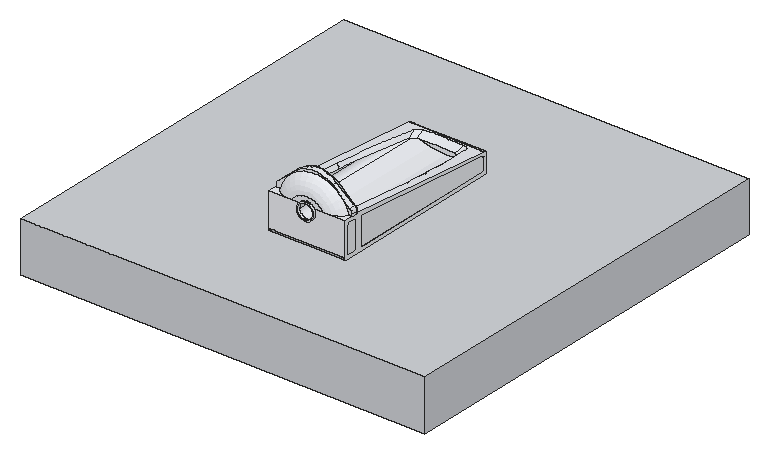
Revit family
Parameters (values of type "6400.014")
  Width = 18"
  Waste Connection Radius = 1 3/4"
  Waste Connection Height = 4"
  Waste Connection Diameter = Waste Connection Radius * 2  # 3 1/2"
  Waste Connection = yes
  Warranty Information = "1 Year Limited"
  WFU = 5
  Vent Connection = no
  URL = "http://www.americanstandard.ca"
  Type Comments = ""
  Revised Date = "06/19/2015"
  Product Page URL = "http://www.americanstandard.ca/urinals/stallbrook-0.7-1.0-urinal--washout/"
  Product Documentation Link = "http://www.americanstandard.ca/assets/documents/amstdca/spec/SpecSheet_188.pdf"
  Price = "Prices may vary. Please consult Manufacturer Representative for most up-to-date price list."  # constant formula
  Phone Number = "416-250-5656"  # constant formula
  Omniclass Table 23 Title = "Plumbing Fixtures-Sanitary Disposal Units"  # constant formula
  Omniclass Table 23 Code = "23.45.05.21.11"  # constant formula
  Model = "6400.014"
  Material = Vitreous China-American Standard-020
  Masterformat Title = "Commercial Water Closets, Urinals, and Bidets"  # constant formula
  Masterformat Number = "23.42.13"  # constant formula
  Manufacturer = "American Standard"
  Length = 15"
  Installation Type = "Wall Mounted"
  Height = 38"
  HWFU = 0
  HW Connection = no
  Flow Rate = "3.8Lpf/1.0gpf"
  Description = "6400.014-American Standard-Stallbrook 1.0 GPF Washout Urinal"
  Default Elevation = 0"
  Creation Date = ""
  Created By = "Allied Technical Services"  # constant formula
  Cold Water Connection Width = 4 3/4"
  Cold Water Connection Radius = 3/8"
  Cold Water Connection Height = 49 1/2"
  Cold Water Connection Diameter = Cold Water Connection Radius * 2  # 3/4"
  CWFU = 5
  CW Connection = yes
  Assembly Code = "D2010210"
  ATS URL = "http://www.atsspec.net"
  ADA Compliant = yes
Reference planes (in)
  plane 1 "Center (Front/Back)": y = 0
  plane 2: z = 0
  plane 3 "Center (Left/Right)": x = 0
  plane 4: x = -9
  plane 5: y = 19
  plane 6: x = 9
  plane 7: y = -19
  plane 8: z = 15
  plane 9: z = 8.5
  plane 10: z = 5
  plane 11: y = -23
Forms (in)
  Extrusion 1, solid
    sketch origin (0, 0, 0) x (1, 0, 0) y (0, 1, 0)
      loop
        line (-48, 48) -> (-48, -48) -> (48, -48) -> (48, 48) -> (-48, 48)
    from 0 to -12
  Extrusion 2, solid, material "Vitreous China-American Standard-020" <- "Material"
    sketch origin (0, 0, 0) x (0, 1, 0) y (0, 0, 1)
      loop
        arc (19, 4.48396) -> (18.85224, 4.86522) -> (18.48614, 5.04733) r 0.56575
        line (18.48614, 5.04733) -> (-18.67556, 8.47012)
        arc (-18.67556, 8.47012) -> (-19.00034, 8.49253) -> (-19.32582, 8.5) r 7.08984
        line (-19.32582, 8.5) -> (-23, 8.5) -> (-23, 0.56641)
        arc (-23, 0.56641) -> (-22.8341, 0.1659) -> (-22.43359, 0) r 0.56641
        line (-22.43359, 0) -> (19, 0) -> (19, 4.48396)
    from -8.75 to -8.32166
  Extrusion 3, solid, material "Vitreous China-American Standard-020" <- "Material"
    sketch origin (0, 0, 0) x (0, 1, 0) y (0, 0, 1)
      loop
        line (18.48614, 5.04733) -> (-18.6756, 8.47012)
        arc (-18.6756, 8.47012) -> (-19.00034, 8.49253) -> (-19.32577, 8.5) r 7.08887
        line (-19.32577, 8.5) -> (-23, 8.5) -> (-23, 0.56641)
        arc (-23, 0.56641) -> (-22.8341, 0.1659) -> (-22.43359, 0) r 0.56641
        line (-22.43359, 0) -> (19, 0) -> (19, 4.48396)
        arc (19, 4.48396) -> (18.85224, 4.86522) -> (18.48614, 5.04733) r 0.56575
      loop
        line (17.79586, 4.35773) -> (-17.70414, 7.62747)
        arc (-17.70414, 7.62747) -> (-18.08695, 7.49899) -> (-18.25, 7.12958) r 0.5
        line (-18.25, 7.12958) -> (-18.25, 1.25)
        arc (-18.25, 1.25) -> (-18.10355, 0.89645) -> (-17.75, 0.75) r 0.5
        line (-17.75, 0.75) -> (17.75, 0.75)
        arc (17.75, 0.75) -> (18.10355, 0.89645) -> (18.25, 1.25) r 0.5
        line (18.25, 1.25) -> (18.25, 3.85984)
        arc (18.25, 3.85984) -> (18.11941, 4.19679) -> (17.79586, 4.35773) r 0.5
      loop
        line (-21.75, 0.75) -> (-20.25, 0.75)
        arc (-20.25, 0.75) -> (-19.89645, 0.89645) -> (-19.75, 1.25) r 0.5
        line (-19.75, 1.25) -> (-19.75, 7.25)
        arc (-19.75, 7.25) -> (-19.89645, 7.60355) -> (-20.25, 7.75) r 0.5
        line (-20.25, 7.75) -> (-21.75, 7.75)
        arc (-21.75, 7.75) -> (-22.10355, 7.60355) -> (-22.25, 7.25) r 0.5
        line (-22.25, 7.25) -> (-22.25, 1.25)
        arc (-22.25, 1.25) -> (-22.10355, 0.89645) -> (-21.75, 0.75) r 0.5
    from -9 to -8.75
  Extrusion 4, solid, material "Vitreous China-American Standard-020" <- "Material"
    sketch origin (0, 0, 0) x (0, 1, 0) y (0, 0, -1)
      loop
        line (19, -4.48396) -> (19, 0) -> (-22.43359, 0)
        arc (-22.43359, 0) -> (-22.8341, -0.1659) -> (-23, -0.56641) r 0.56641
        line (-23, -0.56641) -> (-23, -8.5) -> (-19.32582, -8.5)
        arc (-19.32582, -8.5) -> (-19.00034, -8.49253) -> (-18.67556, -8.47012) r 7.08984
        line (-18.67556, -8.47012) -> (18.48614, -5.04733)
        arc (18.48614, -5.04733) -> (18.85224, -4.86522) -> (19, -4.48396) r 0.56575
    from -8.75 to -8.32166
  Extrusion 5, solid, material "Vitreous China-American Standard-020" <- "Material"
    sketch origin (0, 0, 0) x (0, 1, 0) y (0, 0, -1)
      loop
        arc (18.48614, -5.04733) -> (18.85224, -4.86522) -> (19, -4.48396) r 0.56575
        line (19, -4.48396) -> (19, 0) -> (-22.43359, 0)
        arc (-22.43359, 0) -> (-22.8341, -0.1659) -> (-23, -0.56641) r 0.56641
        line (-23, -0.56641) -> (-23, -8.5) -> (-19.32577, -8.5)
        arc (-19.32577, -8.5) -> (-19.00034, -8.49253) -> (-18.6756, -8.47012) r 7.08887
        line (-18.6756, -8.47012) -> (18.48614, -5.04733)
      loop
        arc (17.79586, -4.35773) -> (18.11941, -4.19679) -> (18.25, -3.85984) r 0.5
        line (18.25, -3.85984) -> (18.25, -1.25)
        arc (18.25, -1.25) -> (18.10355, -0.89645) -> (17.75, -0.75) r 0.5
        line (17.75, -0.75) -> (-17.75, -0.75)
        arc (-17.75, -0.75) -> (-18.10355, -0.89645) -> (-18.25, -1.25) r 0.5
        line (-18.25, -1.25) -> (-18.25, -7.12958)
        arc (-18.25, -7.12958) -> (-18.08695, -7.49899) -> (-17.70414, -7.62747) r 0.5
        line (-17.70414, -7.62747) -> (17.79586, -4.35773)
      loop
        arc (-21.75, -0.75) -> (-22.10355, -0.89645) -> (-22.25, -1.25) r 0.5
        line (-22.25, -1.25) -> (-22.25, -7.25)
        arc (-22.25, -7.25) -> (-22.10355, -7.60355) -> (-21.75, -7.75) r 0.5
        line (-21.75, -7.75) -> (-20.25, -7.75)
        arc (-20.25, -7.75) -> (-19.89645, -7.60355) -> (-19.75, -7.25) r 0.5
        line (-19.75, -7.25) -> (-19.75, -1.25)
        arc (-19.75, -1.25) -> (-19.89645, -0.89645) -> (-20.25, -0.75) r 0.5
        line (-20.25, -0.75) -> (-21.75, -0.75)
    from -9 to -8.75
  Extrusion 6, solid, material "Vitreous China-American Standard-020" <- "Material"
    sketch origin (0, 0, 0) x (1, 0, 0) y (0, 0, 1)
      loop
        line (8.32166, 0) -> (8.32166, 4.22917)
        arc (8.32166, 4.22917) -> (8.06672, 3.39261) -> (7.38855, 2.84042) r 1.5
        arc (7.38855, 2.84042) -> (0, 1.3905) -> (-7.38855, 2.84042) r 19.55033
        arc (-7.38855, 2.84042) -> (-8.06672, 3.39261) -> (-8.32166, 4.22917) r 1.5
        line (-8.32166, 4.22917) -> (-8.32166, 0) -> (8.32166, 0)
    from -18.25 to 19.90807
  Extrusion 7, solid, material "Vitreous China-American Standard-020" <- "Material"
    sketch origin (0, 0, 0) x (0, 1, 0) y (0, 0, 1)
      loop
        arc (19, 4.48396) -> (18.85224, 4.86522) -> (18.48614, 5.04733) r 0.56575
        line (18.48614, 5.04733) -> (18.25, 5.06908) -> (18.25, 0) -> (19, 0) -> (19, 4.48396)
    from -8.32166 to 8.32166
  Extrusion 8, solid, material "Vitreous China-American Standard-020" <- "Material"
    sketch origin (0, 0, 0) x (0, 1, 0) y (0, 0, 1)
      loop
        line (18.25, 5.06908) -> (-18.6756, 8.47012)
        arc (-18.6756, 8.47012) -> (-19.00034, 8.49253) -> (-19.32577, 8.5) r 7.08887
        line (-19.32577, 8.5) -> (-20.79124, 8.5) -> (-20.79124, 7.75) -> (-19.32577, 7.75)
        arc (-19.32577, 7.75) -> (-19.03477, 7.74332) -> (-18.74439, 7.72328) r 6.33887
        line (-18.74439, 7.72328) -> (18.25, 4.3159) -> (18.25, 5.06908)
    from -8.32166 to 8.32166
  Blend 9, void
    base sketch origin (0, 1.4811, 2.92845) x (1, 0, 0) y (0, 0.99531, -0.096733)
      loop
        arc (-4.98342, 9.87275) -> (-5.7427, 1.18073) -> (-5.86684, -7.54351) r 119.70754
        line (-5.86684, -7.54351) -> (-5.86684, -24.58101)
        arc (-5.86684, -24.58101) -> (-5.6709, -25.05406) -> (-5.19786, -25.25) r 0.66899
        line (-5.19786, -25.25) -> (5.19786, -25.25)
        arc (5.19786, -25.25) -> (5.6709, -25.05406) -> (5.86684, -24.58101) r 0.66899
        line (5.86684, -24.58101) -> (5.86684, -7.54351)
        arc (5.86684, -7.54351) -> (5.74244, 1.18577) -> (4.98218, 9.88278) r 119.70754
        arc (4.98218, 9.88278) -> (4.66144, 10.53633) -> (4.00572, 10.85262) r 1.11498
        arc (4.00572, 10.85262) -> (-0.00234, 11.08451) -> (-4.00979, 10.84235) r 34.00019
        arc (-4.00979, 10.84235) -> (-4.66372, 10.52535) -> (-4.98342, 9.87275) r 1.11498
    top sketch origin (0, 1.4811, 2.92845) x (1, 0, 0) y (0, 0.99531, -0.096733)
      loop
        arc (-6.37066, 15.66009) -> (-7.3413, 4.54845) -> (-7.5, -6.60436) r 153.03062
        line (-7.5, -6.60436) -> (-7.5, -24.39479)
        arc (-7.5, -24.39479) -> (-7.24951, -24.99951) -> (-6.64479, -25.25) r 0.85521
        line (-6.64479, -25.25) -> (6.64479, -25.25)
        arc (6.64479, -25.25) -> (7.24951, -24.99951) -> (7.5, -24.39479) r 0.85521
        line (7.5, -24.39479) -> (7.5, -6.60436)
        arc (7.5, -6.60436) -> (7.34097, 4.5549) -> (6.36907, 15.6729) r 153.03062
        arc (6.36907, 15.6729) -> (5.95904, 16.50838) -> (5.1208, 16.91271) r 1.42535
        arc (5.1208, 16.91271) -> (-0.00299, 17.20916) -> (-5.126, 16.89958) r 43.46485
        arc (-5.126, 16.89958) -> (-5.96196, 16.49435) -> (-6.37066, 15.66009) r 1.42535
    from 2.07723 to 4.11984
  Sweep 10, solid, material "Vitreous China-American Standard-020" <- "Material"
    path origin (0, 0, 0) x (1, 0, 0) y (0, 0, 1)
      loop
        line (-9, 8.5) -> (-9, 8.94975)
        arc (-9, 8.94975) -> (-8.87499, 9.51363) -> (-8.52338, 9.97186) r 1.33427
        line (-8.52338, 9.97186) -> (-4.33882, 13.48312)
        arc (-4.33882, 13.48312) -> (0, 15.06232) -> (4.33882, 13.48312) r 6.75
        line (4.33882, 13.48312) -> (8.52279, 9.97236)
        arc (8.52279, 9.97236) -> (8.87483, 9.51356) -> (9, 8.94897) r 1.33594
        line (9, 8.94897) -> (9, 8.5)
    profile origin (-9, 0, 8.72487) x (-1, 0, 0) y (0, -1, 0)
      loop
        arc (-0.5, 19.00069) -> (-0.14645, 19.14713) -> (0, 19.50069) r 0.5
        line (0, 19.50069) -> (0, 20.79124) -> (-1.18744, 20.79124) -> (-1.18744, 19.50069)
        arc (-1.18744, 19.50069) -> (-1.041, 19.14713) -> (-0.68744, 19.00069) r 0.5
        line (-0.68744, 19.00069) -> (-0.5, 19.00069)
  Extrusion 11, solid, material "Vitreous China-American Standard-020" <- "Material"
    sketch origin (-7.81256, -20.79124, 8.5) x (0, 0, 1) y (-1, 0, 0)
      loop
        line (0, 0) -> (0, 0.5091) -> (-0.75, 0.5091) -> (-0.75, -16.13422) -> (0, -16.13422) -> (0, -15.62511) -> (0.44897, -15.62511)
        arc (0.44897, -15.62511) -> (0.51173, -15.6112) -> (0.56272, -15.57207) r 0.14849
        line (0.56272, -15.57207) -> (4.07349, -11.3881)
        arc (4.07349, -11.3881) -> (5.37488, -7.81256) -> (4.07349, -4.23701) r 5.56256
        line (4.07349, -4.23701) -> (0.56222, -0.05245)
        arc (0.56222, -0.05245) -> (0.5118, -0.01376) -> (0.44975, 0) r 0.14683
        line (0.44975, 0) -> (0, 0)
    from -0.88317 to 0
  Revolve 12, solid, material "Vitreous China-American Standard-020" <- "Material"
    sketch origin (0, -0.00965, 5.94171) x (1, 0, 0) y (0, 1, 0)
      loop
        line (0, -20.78159) -> (-8.58409, -20.78159)
        arc (-8.58409, -20.78159) -> (-6.8091, -22.36544) -> (-4.5, -22.9375) r 4.94634
        line (-4.5, -22.9375) -> (0, -22.9375) -> (0, -20.78159)
      axis (0, -20.78159) -> (0, -22.9375)
    angle from 0 to 360
  Extrusion 13, solid, material "Vitreous China-American Standard-020" <- "Material"
    sketch origin (0, 0, 0) x (0, 1, 0) y (0, 0, 1)
      loop
        arc (-23, 0.56641) -> (-22.8341, 0.1659) -> (-22.43359, 0) r 0.56641
        line (-22.43359, 0) -> (-19.90807, 0) -> (-19.90807, 8.5) -> (-23, 8.5) -> (-23, 0.56641)
    from -8.32166 to 8.32166
  Extrusion 14, void
    sketch origin (0, 0, 0) x (0, 1, 0) y (0, 0, 1)
      loop
        arc (-22.43359, 0) -> (-22.8341, 0.1659) -> (-23, 0.56641) r 0.56641
        line (-23, 0.56641) -> (-23.39888, 0.56641) -> (-23.39888, -4.00173) -> (-20.29124, -4.00173) -> (-20.29124, 0) -> (-22.43359, 0)
    from -9 to 9
  Extrusion 15, void
    sketch origin (0, 0, 0) x (1, 0, 0) y (0, 0, 1)
      loop
        circle (0, 7.5) r 1.75
    from 19.59596 to 23.39888
  Revolve 16, solid, material "Vitreous China-American Standard-020" <- "Material"
    sketch origin (0, 0, 0) x (0, 1, 0) y (0, 0, 1)
      loop
        line (-22.94715, 9.25) -> (-22.94715, 9.5) -> (-23.44715, 9.5) -> (-23.44715, 9.25) -> (-22.94715, 9.25)
      axis (-22.94715, 7.5) -> (-23.44715, 7.5)
    angle from 0 to 360
  Revolve 17, solid, material "Vitreous China-American Standard-020" <- "Material"
    sketch origin (0, 0, 2.11698) x (1, 0, 0) y (0, 1, 0)
      loop
        line (-0.67519, 20.30477) -> (-0.92519, 20.30477) -> (-0.92519, 19.55477) -> (-1.31364, 19) -> (-1.00844, 19) -> (-0.67519, 19.47594) -> (-0.67519, 20.30477)
      axis (0, 20.30477) -> (0, 19)
    angle from 0 to 360
  Extrusion 18, void
    sketch origin (0, 0, 0) x (1, 0, 0) y (0, 0, 1)
      loop
        circle (0, 7.5) r 1.75
    from 22.25 to 23.39888
Cuts and joins
  Blend 9, Extrusion 14, Extrusion 15, Extrusion 18 cuts Extrusion 2
  Blend 9, Extrusion 14, Extrusion 15, Extrusion 18 cuts Extrusion 3
  Blend 9, Extrusion 14, Extrusion 15, Extrusion 18 cuts Extrusion 4
  Blend 9, Extrusion 14, Extrusion 15, Extrusion 18 cuts Extrusion 5
  Blend 9, Extrusion 14, Extrusion 15, Extrusion 18 cuts Extrusion 6
  Blend 9, Extrusion 14, Extrusion 15, Extrusion 18 cuts Extrusion 7
  Blend 9, Extrusion 14, Extrusion 15, Extrusion 18 cuts Extrusion 8
  Extrusion 14, Extrusion 15, Extrusion 18 cuts Extrusion 11
  Extrusion 14, Extrusion 15, Extrusion 18 cuts Revolve 12
  Extrusion 14, Extrusion 15, Extrusion 18 cuts Extrusion 13
  Extrusion 18 cuts Revolve 16
  Extrusion 18 cuts Revolve 17
  joined: Extrusion 2, Extrusion 3, Extrusion 4, Extrusion 5, Extrusion 6, Extrusion 7, Extrusion 8, Extrusion 11, Revolve 12, Extrusion 13, Revolve 16, Revolve 17
Lines and regions (in)
  Masking region 1
    outline origin (0, 0, 0) x (1, 0, 0) y (0, 1, 0)
      loop
        line (-9, 19) -> (-9, -23) -> (-2, -23) -> (-2, -23.44715) -> (2, -23.44715) -> (2, -23) -> (9, -23) -> (9, 19) -> (1.31364, 19) -> (0.92519, 19.55477) -> (0.92519, 20.30477) -> (-0.92519, 20.30477) -> (-0.92519, 19.55477) -> (-1.31364, 19) -> (-9, 19)
  Masking region 2
    outline origin (0, 0, 0) x (0, 1, 0) y (0, 0, 1)
      loop
        line (20.30477, 1.1918) -> (20.30477, 3.04217) -> (19.55477, 3.04217) -> (19, 3.43062) -> (19, 4.49463)
        arc (19, 4.49463) -> (18.85529, 4.86801) -> (18.49676, 5.04635) r 0.55406
        line (18.49676, 5.04635) -> (-19, 8.5) -> (-19, 14.56232)
        arc (-19, 14.56232) -> (-19.14645, 14.91588) -> (-19.5, 15.06232) r 0.5
        line (-19.5, 15.06232) -> (-20.79124, 15.06232) -> (-20.79124, 14.5258)
        arc (-20.79124, 14.5258) -> (-22.54987, 12.30489) -> (-22.94715, 9.5) r 5.41758
        line (-22.94715, 9.5) -> (-23.44715, 9.5) -> (-23.44715, 5.5) -> (-23, 5.5) -> (-23, 0) -> (19, 0) -> (19, 0.80334) -> (19.55477, 1.1918) -> (20.30477, 1.1918)
  Masking region 3
    outline origin (0, 0, 0) x (1, 0, 0) y (0, 0, 1)
      loop
        line (9, 0) -> (9, 9.25)
        arc (9, 9.25) -> (8.586, 9.93452) -> (7.96576, 10.43976) r 2.34191
        arc (7.96576, 10.43976) -> (5.71573, 12.31309) -> (3.42716, 14.13912) r 140.49809
        arc (3.42716, 14.13912) -> (-0.03791, 15.05549) -> (-3.48968, 14.09027) r 6.82727
        arc (-3.48968, 14.09027) -> (-5.74648, 12.28802) -> (-7.96576, 10.43976) r 140.49809
        arc (-7.96576, 10.43976) -> (-8.586, 9.93452) -> (-9, 9.25) r 2.34191
        line (-9, 9.25) -> (-9, 0) -> (9, 0)
  symbolic lines, detail levels medium+fine
    curve 1: line (-9, -20.79124, 0) -> (9, -20.79124, 0)
    curve 2: line (-8.5, -19.00069, 0) -> (8.5, -19.00069, 0)
    curve 3: arc (8.5, -19.00069, 0) -> (8.85355, -19.14713, 0) -> (9, -19.50069, 0) r 0.5
    curve 4: arc (-9, -19.32577, 0) -> (-8.79819, -19.0891, 0) -> (-8.5, -19.00069, 0) r 0.54706
    curve 5: spline (-4.95443, 17.56657, 0) -> (-4.13227, 17.65862, 0) -> (-3.30842, 17.73417, 0) -> (-2.48321, 17.79321, 0) -> (-1.65698, 17.8357, 0) -> (-0.83005, 17.86162, 0) -> (-0.00277, 17.87098, 0) -> (0.82454, 17.86376, 0) -> (1.65153, 17.83997, 0) -> (2.47787, 17.79962, 0) -> (3.30323, 17.74272, 0) -> (4.12728, 17.66929, 0) -> (4.94967, 17.57938, 0)
    curve 6: spline (-7.11246, -4.98888, 0) -> (-7.14806, -3.20528, 0) -> (-7.16202, -1.42139, 0) -> (-7.15436, 0.36254, 0) -> (-7.12506, 2.14625, 0) -> (-7.07414, 3.92948, 0) -> (-7.0016, 5.71196, 0) -> (-6.90746, 7.49344, 0) -> (-6.79172, 9.27366, 0) -> (-6.6544, 11.05236, 0) -> (-6.49552, 12.82928, 0) -> (-6.31511, 14.60416, 0) -> (-6.1132, 16.37674, 0)
    curve 7: spline (6.1117, 16.3892, 0) -> (6.31388, 14.6156, 0) -> (6.49453, 12.83969, 0) -> (6.65362, 11.06173, 0) -> (6.79112, 9.282, 0) -> (6.90703, 7.50073, 0) -> (7.00131, 5.71821, 0) -> (7.07396, 3.93468, 0) -> (7.12497, 2.1504, 0) -> (7.15432, 0.36565, 0) -> (7.16202, -1.41934, 0) -> (7.14807, -3.20428, 0) -> (7.11246, -4.98892, 0)
    curve 8: line (7.11246, -4.98892, 0) -> (7.11246, -19.00069, 0)
    curve 9: line (-7.11246, -19.00069, 0) -> (-7.11246, -4.98888, 0)
    curve 10: spline (-6.1132, 16.37674, 0) -> (-6.08752, 16.52283, 0) -> (-6.04611, 16.6653, 0) -> (-5.98945, 16.80246, 0) -> (-5.9182, 16.9327, 0) -> (-5.83321, 17.0545, 0) -> (-5.73547, 17.16641, 0) -> (-5.62614, 17.26712, 0) -> (-5.5065, 17.35545, 0) -> (-5.37795, 17.43036, 0) -> (-5.24201, 17.49096, 0) -> (-5.10028, 17.53654, 0) -> (-4.95443, 17.56657, 0)
    curve 11: spline (4.94967, 17.57938, 0) -> (5.09585, 17.54963, 0) -> (5.23793, 17.50427, 0) -> (5.37423, 17.44383, 0) -> (5.50314, 17.36901, 0) -> (5.62313, 17.28071, 0) -> (5.7328, 17.17997, 0) -> (5.83084, 17.06798, 0) -> (5.9161, 16.94605, 0) -> (5.98758, 16.81563, 0) -> (6.04442, 16.67826, 0) -> (6.08596, 16.53555, 0) -> (6.1117, 16.3892, 0)
    curve 19: line (-1.31364, 19, 0) -> (1.31364, 19, 0)
    curve 20: line (-2, -23, 0) -> (2, -23, 0)
    curve 22: line (0, 19, 0.80334) -> (0, 19, 3.43062)
    curve 23: line (0, 17.79586, 4.35773) -> (0, -17.70414, 7.62747)
    curve 24: arc (0, -17.70414, 7.62747) -> (0, -18.08695, 7.49899) -> (0, -18.25, 7.12958) r 0.5
    curve 25: line (0, -18.25, 7.12958) -> (0, -18.25, 1.25)
    curve 26: arc (0, -18.25, 1.25) -> (0, -18.10355, 0.89645) -> (0, -17.75, 0.75) r 0.5
    curve 27: line (0, -17.75, 0.75) -> (0, 17.75, 0.75)
    curve 28: arc (0, 17.75, 0.75) -> (0, 18.10355, 0.89645) -> (0, 18.25, 1.25) r 0.5
    curve 29: line (0, 18.25, 1.25) -> (0, 18.25, 3.85984)
    curve 30: arc (0, 18.25, 3.85984) -> (0, 18.11941, 4.19679) -> (0, 17.79586, 4.35773) r 0.5
    curve 42: line (9, 0, 8.5) -> (7.05575, 0, 8.5)
    curve 43: line (-9, 0, 8.5) -> (-6.98552, 0, 8.5)
    curve 44: line (7.11244, 0, 7.20951) -> (7.05575, 0, 8.5)
    curve 45: spline (6.11002, 0, 5.2392) -> (6.31249, 0, 5.40266) -> (6.49341, 0, 5.56633) -> (6.65273, 0, 5.7302) -> (6.79044, 0, 5.89423) -> (6.90653, 0, 6.0584) -> (7.00096, 0, 6.22268) -> (7.07374, 0, 6.38706) -> (7.12484, 0, 6.55151) -> (7.15427, 0, 6.716) -> (7.16201, 0, 6.88051) -> (7.14806, 0, 7.04502) -> (7.11244, 0, 7.20951)
    curve 46: spline (4.94959, 0, 5.13085) -> (5.09466, 0, 5.13356) -> (5.2357, 0, 5.13769) -> (5.37108, 0, 5.14318) -> (5.49922, 0, 5.14998) -> (5.61863, 0, 5.15801) -> (5.72792, 0, 5.16717) -> (5.82582, 0, 5.17736) -> (5.9112, 0, 5.18845) -> (5.98306, 0, 5.20032) -> (6.04057, 0, 5.21284) -> (6.08305, 0, 5.22584) -> (6.11002, 0, 5.2392)
    curve 47: spline (-4.95444, 0, 5.13203) -> (-4.13229, 0, 5.12355) -> (-3.30845, 0, 5.11659) -> (-2.48324, 0, 5.11115) -> (-1.65701, 0, 5.10724) -> (-0.83009, 0, 5.10485) -> (-0.00282, 0, 5.10399) -> (0.82448, 0, 5.10465) -> (1.65147, 0, 5.10684) -> (2.47781, 0, 5.11056) -> (3.30316, 0, 5.1158) -> (4.1272, 0, 5.12256) -> (4.94959, 0, 5.13085)
    curve 48: spline (-6.11156, 0, 5.24038) -> (-6.0847, 0, 5.22705) -> (-6.04238, 0, 5.21406) -> (-5.98507, 0, 5.20156) -> (-5.91346, 0, 5.1897) -> (-5.82836, 0, 5.17862) -> (-5.73076, 0, 5.16844) -> (-5.6218, 0, 5.15928) -> (-5.50274, 0, 5.15124) -> (-5.37495, 0, 5.14443) -> (-5.23991, 0, 5.13892) -> (-5.0992, 0, 5.13477) -> (-4.95444, 0, 5.13203)
    curve 49: line (-7.11244, 0, 7.20951) -> (-7.05575, 0, 8.5)
    curve 50: spline (-6.11156, 0, 5.24038) -> (-6.31377, 0, 5.40374) -> (-6.49443, 0, 5.56732) -> (-6.65354, 0, 5.73109) -> (-6.79106, 0, 5.89502) -> (-6.90697, 0, 6.05909) -> (-7.00127, 0, 6.22328) -> (-7.07393, 0, 6.38756) -> (-7.12494, 0, 6.55191) -> (-7.1543, 0, 6.7163) -> (-7.162, 0, 6.88071) -> (-7.14805, 0, 7.04512) -> (-7.11244, 0, 7.20951)
    curve 52: circle (0, 0, 2.11698) r 1.31364 normal (0, -1, 0)
    curve 55: line (7.81256, 0, 8.5) -> (7.81256, 0, 9.01821)
    curve 56: line (7.81256, 0, 9.01821) -> (3.57554, 0, 12.57349)
    curve 57: arc (3.57554, 0, 12.57349) -> (0, 0, 13.87488) -> (-3.57554, 0, 12.57349) r 5.56256
    curve 58: line (-7.81256, 0, 8.5) -> (-7.81256, 0, 9.01821)
    curve 59: line (-7.81256, 0, 9.01821) -> (-3.57554, 0, 12.57349)
  symbolic lines, detail levels fine
    curve 12: spline (-4.53578, 15.24512, 0) -> (-4.66932, 15.21763, 0) -> (-4.79908, 15.17591, 0) -> (-4.92353, 15.12044, 0) -> (-5.04122, 15.05189, 0) -> (-5.15075, 14.97104, 0) -> (-5.25085, 14.87887, 0) -> (-5.34033, 14.77645, 0) -> (-5.41814, 14.66498, 0) -> (-5.48336, 14.54578, 0) -> (-5.53523, 14.42025, 0) -> (-5.57314, 14.28986, 0) -> (-5.59664, 14.15616, 0)
    curve 13: spline (4.53134, 15.25684, 0) -> (3.77845, 15.33915, 0) -> (3.02404, 15.40637, 0) -> (2.26843, 15.45846, 0) -> (1.51192, 15.49541, 0) -> (0.75481, 15.51719, 0) -> (-0.00258, 15.5238, 0) -> (-0.75995, 15.51523, 0) -> (-1.51699, 15.49149, 0) -> (-2.27341, 15.45259, 0) -> (-3.02888, 15.39855, 0) -> (-3.78311, 15.32938, 0) -> (-4.53578, 15.24512, 0)
    curve 14: spline (5.59578, 14.16435, 0) -> (5.57241, 14.29865, 0) -> (5.53453, 14.42962, 0) -> (5.48259, 14.55572, 0) -> (5.4172, 14.67545, 0) -> (5.33914, 14.78738, 0) -> (5.24933, 14.89021, 0) -> (5.14883, 14.98271, 0) -> (5.03884, 15.06377, 0) -> (4.92066, 15.13246, 0) -> (4.79569, 15.18794, 0) -> (4.6654, 15.22956, 0) -> (4.53134, 15.25684, 0)
    curve 15: spline (6.51145, -5.38967, 0) -> (6.54389, -3.7573, 0) -> (6.55655, -2.12466, 0) -> (6.54942, -0.49198, 0) -> (6.5225, 1.14048, 0) -> (6.47579, 2.77251, 0) -> (6.40931, 4.40386, 0) -> (6.32305, 6.03429, 0) -> (6.21704, 7.66356, 0) -> (6.09129, 9.29144, 0) -> (5.94581, 10.91769, 0) -> (5.78063, 12.54207, 0) -> (5.59578, 14.16435, 0)
    curve 16: spline (-5.59664, 14.15616, 0) -> (-5.78145, 12.53367, 0) -> (-5.94658, 10.90907, 0) -> (-6.092, 9.28261, 0) -> (-6.21769, 7.65452, 0) -> (-6.32363, 6.02504, 0) -> (-6.40981, 4.3944, 0) -> (-6.47622, 2.76284, 0) -> (-6.52285, 1.13061, 0) -> (-6.54968, -0.50207, 0) -> (-6.55671, -2.13495, 0) -> (-6.54396, -3.76779, 0) -> (-6.5114, -5.40037, 0)
    curve 17: line (-6.5114, -5.40037, 0) -> (-6.5114, -19.00069, 0)
    curve 18: line (6.51145, -19.00069, 0) -> (6.51145, -5.38967, 0)
    curve 31: line (0, -22.25, 7.25) -> (0, -22.25, 1.25)
    curve 32: arc (0, -22.25, 1.25) -> (0, -22.10355, 0.89645) -> (0, -21.75, 0.75) r 0.5
    curve 33: line (0, -21.75, 0.75) -> (0, -20.25, 0.75)
    curve 34: arc (0, -20.25, 0.75) -> (0, -19.89645, 0.89645) -> (0, -19.75, 1.25) r 0.5
    curve 35: line (0, -19.75, 1.25) -> (0, -19.75, 7.25)
    curve 36: arc (0, -19.75, 7.25) -> (0, -19.89645, 7.60355) -> (0, -20.25, 7.75) r 0.5
    curve 37: line (0, -20.25, 7.75) -> (0, -21.75, 7.75)
    curve 38: arc (0, -21.75, 7.75) -> (0, -22.10355, 7.60355) -> (0, -22.25, 7.25) r 0.5
    curve 39: line (0, -23, 5.5) -> (0, -23, 9.5)
    curve 40: line (0, -19, 8.5) -> (0, -23, 8.5)
    curve 41: line (0, -20.79124, 8.5) -> (0, -20.79124, 15.06232)
    curve 53: circle (0, 0, 2.11698) r 0.92519 normal (0, -1, 0)
    curve 54: circle (0, 0, 2.11698) r 0.67519 normal (0, -1, 0)
  symbolic lines
    curve 21: line (0, -19, 8.5) -> (0, -23, 8.5)
    curve 51: circle (0, 0, 7.5) r 1.75 normal (0, -1, 0)
Dimensions and locks (in)
  equal spacing: plane 4, plane 3 "Center (Left/Right)", plane 6
  "Width": plane 4 to plane 6
  equal spacing: plane 5, plane 1 "Center (Front/Back)", plane 7
  "Height": plane 5 to plane 7
  "Length": plane 8 to level
  plane 7 to plane 11 = 4"
  plane 11 to plane 7 = 4"
  plane 10 to level = 5"
  plane 9 to level = 8 1/2"
  plane 8 to level = 15"
  aligned and locked: plane 2 to Extrusion 1
  aligned and locked: level to Extrusion 1
  aligned and locked: cut or joined group 1 (Extrusion 2, Extrusion 3, Extrusion 4, Extrusion 5, Extrusion 6, Extrusion 7, Extrusion 8, Blend 9, Extrusion 11, Revolve 12, Extrusion 13, Extrusion 14, Extrusion 15, Revolve 16, Revolve 17, Extrusion 18) to cut or joined group 1
Automatic sketch dimensions
  Extrusion 1 sketch curve to Extrusion 1 sketch curve = 96"  (x2)
  Extrusion 6 sketch curve to level = 0"
  Extrusion 6 sketch curve to plane 3 "Center (Left/Right)" = 0"
  Extrusion 6 sketch curve to plane 10 = 0.77083"  (x2)
  plane 4 to Extrusion 6 sketch curve = 2.17834"
  Extrusion 6 sketch curve to Extrusion 6 sketch curve = 0.56689"
  Extrusion 6 sketch curve to Extrusion 6 sketch curve = 0"  (x6)
  Extrusion 6 sketch curve to Extrusion 6 sketch curve = 1 1/2"
  plane 6 to Extrusion 6 sketch curve = 2.17834"
  Extrusion 7 sketch curve to level = 0"
  Extrusion 7 sketch curve to plane 5 = 0"
  plane 10 to Extrusion 7 sketch curve = 0.04733"
  Extrusion 7 sketch curve to plane 5 = 0.51386"
  Extrusion 7 sketch curve to plane 10 = 0.51604"
  Extrusion 7 sketch curve to plane 5 = 3/4"
  plane 10 to Extrusion 7 sketch curve = 0.06908"
  Blend 9 sketch curve to plane 4 = 104.81114"
  plane 4 to Blend 9 sketch curve = 3.13316"
  Blend 9 sketch curve to Blend 9 sketch curve = 0.66899"
  plane 4 to Blend 9 sketch curve = 4.01658"
  Blend 9 sketch curve to Blend 9 sketch curve = 0"  (x8)
  Blend 9 sketch curve to Blend 9 sketch curve = 0.97363"
  Blend 9 sketch curve to Blend 9 sketch curve = 1.10647"
  plane 3 "Center (Left/Right)" to Blend 9 sketch curve = 0.04122"
  plane 3 "Center (Left/Right)" to Blend 9 sketch curve = 3.87571"
  Blend 9 sketch curve to Blend 9 sketch curve = 0.13001"
  Blend 9 sketch curve to Blend 9 sketch curve = 1.10646"
  plane 6 to Blend 9 sketch curve = 3.80214"
  plane 6 to Blend 9 sketch curve = 3.13316"
  Blend 9 sketch curve to plane 6 = 104.81114"
  Blend 9 sketch curve to Blend 9 sketch curve = 1.66537"
  Blend 9 sketch curve to Blend 9 sketch curve = 15.37213"
  Blend 9 sketch curve to plane 4 = 136.49284"
  plane 4 to Blend 9 sketch curve = 1 1/2"
  Blend 9 sketch curve to Blend 9 sketch curve = 0.85521"
  plane 4 to Blend 9 sketch curve = 2.62934"
  Blend 9 sketch curve to Blend 9 sketch curve = 1.24466"
  Blend 9 sketch curve to Blend 9 sketch curve = 1.41448"
  plane 3 "Center (Left/Right)" to Blend 9 sketch curve = 0.0527"
  plane 6 to Blend 9 sketch curve = 4.0454"
  Blend 9 sketch curve to Blend 9 sketch curve = 0.1662"
  Blend 9 sketch curve to Blend 9 sketch curve = 1.41447"
  plane 6 to Blend 9 sketch curve = 2.35521"
  plane 6 to Blend 9 sketch curve = 1 1/2"
  Blend 9 sketch curve to plane 6 = 136.49284"
  Blend 9 sketch curve to Blend 9 sketch curve = 1.00565"
  Blend 9 sketch curve to Blend 9 sketch curve = 17.79043"
  Revolve 12 sketch curve to plane 3 "Center (Left/Right)" = 0"  (x2)
  Revolve 12 sketch curve to plane 11 = 0.05285"
  Revolve 12 sketch curve to Revolve 12 sketch curve = 4 1/2"
  plane 4 to Revolve 12 sketch curve = 0.41591"
  Extrusion 14 sketch curve to plane 11 = 0"
  Extrusion 14 sketch curve to level = 0"
  plane 11 to Extrusion 14 sketch curve = 0.39888"
  Extrusion 14 sketch curve to Extrusion 14 sketch curve = 145/256"
  Extrusion 14 sketch curve to level = 4.00173"
  Revolve 17 sketch curve to plane 5 = 0"
  Revolve 17 sketch curve to plane 3 "Center (Left/Right)" = 0"
  Revolve 17 sketch curve to plane 3 "Center (Left/Right)" = 0.67519"
  Revolve 17 sketch curve to Revolve 17 sketch curve = 1/4"
  Revolve 17 sketch curve to Revolve 17 sketch curve = 0.08326"
  Revolve 17 sketch curve to Revolve 17 sketch curve = 0.30519"
  plane 5 to Revolve 17 sketch curve = 0.47594"
  Revolve 17 sketch curve to Revolve 17 sketch curve = 0.07882"
  plane 5 to Revolve 17 sketch curve = 0.70605"
  Revolve 17 sketch curve to Revolve 17 sketch curve = 3/4"
  Revolve 17 sketch curve to Revolve 17 sketch curve = 0.65314"
  Revolve 12 sketch curve to Revolve 12 sketch curve = 1.31216"
  Revolve 12 sketch curve to Revolve 12 sketch curve = 3/4"
  plane 7 to Revolve 12 sketch curve = 1.79124"
  plane 7 to Extrusion 14 sketch curve = 1.29124"
  Masking region 1 sketch curve to plane 4 = 0"
  plane 11 to Masking region 1 sketch curve = 0"  (x2)
  Masking region 1 sketch curve to plane 5 = 0"  (x2)
  Masking region 1 sketch curve to plane 6 = 0"
  plane 11 to Masking region 1 sketch curve = 0.44715"
  Masking region 1 sketch curve to plane 3 "Center (Left/Right)" = 2"
  Masking region 1 sketch curve to plane 3 "Center (Left/Right)" = 1.31364"
  Masking region 1 sketch curve to Masking region 1 sketch curve = 0.38845"  (x2)
  plane 3 "Center (Left/Right)" to Masking region 1 sketch curve = 0.92519"
  plane 5 to Masking region 1 sketch curve = 0.55477"  (x2)
  Masking region 1 sketch curve to Masking region 1 sketch curve = 3/4"
  plane 3 "Center (Left/Right)" to Masking region 1 sketch curve = 2"
  curve 1 to plane 4 = 0"
  curve 4 to plane 4 = 0"
  plane 11 to curve 20 = 0"
  curve 19 to plane 5 = 0"
  curve 1 to plane 6 = 0"
  curve 3 to plane 6 = 0"
  plane 11 to curve 5 = 0.07651"
  curve 5 to plane 4 = 32.07023"
  plane 1 "Center (Front/Back)" to curve 15 = 1.89661"
  curve 15 to curve 5 = 88.20731"
  plane 1 "Center (Front/Back)" to curve 7 = 1.16154"
  curve 7 to curve 15 = 11.93326"
  plane 7 to curve 2 = 0.00069"
  plane 4 to curve 2 = 1/2"
  plane 4 to curve 6 = 1.83775"
  plane 4 to curve 9 = 1.88754"
  curve 6 to curve 16 = 0.60533"
  curve 9 to curve 16 = 0.60106"
  curve 10 to plane 5 = 2.78558"
  curve 10 to plane 3 "Center (Left/Right)" = 6.12291"
  curve 10 to curve 10 = 0.00971"
  curve 10 to curve 12 = 0.51738"
  curve 12 to curve 12 = 0.00888"
  curve 6 to curve 10 = 1.15877"
  curve 10 to curve 10 = 0.20471"
  curve 10 to curve 13 = 0.21393"
  curve 12 to curve 12 = 0.18745"
  curve 20 to plane 3 "Center (Left/Right)" = 2"
  curve 19 to plane 3 "Center (Left/Right)" = 1.31364"
  plane 3 "Center (Left/Right)" to curve 13 = 0.04629"
  plane 3 "Center (Left/Right)" to curve 5 = 0.05062"
  plane 3 "Center (Left/Right)" to curve 19 = 1.31364"
  curve 5 to curve 20 = 1.94938"
  plane 3 "Center (Left/Right)" to curve 14 = 4.34716"
  curve 14 to curve 13 = 0.18418"
  curve 14 to curve 11 = 0.21694"
  curve 11 to curve 11 = 0.20139"
  curve 14 to curve 14 = 1.24861"
  curve 15 to curve 14 = 0.00862"
  curve 11 to curve 7 = 1.36342"
  curve 11 to curve 11 = 0.00972"
  curve 18 to curve 3 = 2.48855"
  curve 18 to curve 15 = 0.0453"
  curve 18 to curve 8 = 0.60101"
  curve 15 to curve 7 = 0.6055"
  plane 6 to curve 3 = 1/2"
  curve 13 to plane 11 = 1.03707"
  curve 13 to plane 6 = 28.69216"
  plane 1 "Center (Front/Back)" to curve 16 = 1.89895"
  curve 13 to curve 16 = 91.58394"
  plane 1 "Center (Front/Back)" to curve 6 = 1.1615"
  curve 16 to curve 6 = 11.93322"
  plane 7 to curve 1 = 1.79124"
  curve 4 to curve 4 = 0.54706"
  curve 17 to curve 16 = 3.50142"
  curve 18 to curve 15 = 3.49305"
  curve 18 to curve 8 = 0.40075"
  curve 16 to curve 6 = 0.41149"
  curve 12 to curve 12 = 0.14849"
  curve 21 to plane 7 = 0"
  curve 22 to plane 5 = 0"
  curve 32 to plane 11 = 3/4"
  curve 38 to curve 38 = 1/2"
  curve 32 to curve 33 = 1/2"
  plane 7 to curve 33 = 1 1/4"
  plane 7 to curve 36 = 1 1/4"
  curve 36 to curve 36 = 1/2"
  curve 25 to plane 7 = 3/4"
  curve 25 to curve 26 = 1/2"
  curve 24 to curve 24 = 1/2"
  curve 24 to curve 23 = 0.04586"
  curve 30 to plane 5 = 1 1/4"
  level to curve 28 = 3/4"
  curve 28 to plane 5 = 1 1/4"
  curve 23 to plane 10 = 0.64227"
  curve 30 to curve 23 = 0.04586"
  curve 30 to curve 29 = 1/2"
  level to curve 32 = 3/4"
  level to curve 22 = 0.80334"
  curve 22 to curve 30 = 0.42922"
  plane 10 to curve 39 = 1/2"
  curve 24 to plane 9 = 1.37042"
  curve 36 to plane 9 = 1 1/4"
  curve 52 to curve 53 = 0"  (x2)
  curve 52 to curve 54 = 0"  (x2)
  curve 53 to curve 54 = 0"  (x2)
  curve 43 to plane 4 = 0"
  curve 58 to plane 9 = 0"
  curve 54 to plane 3 "Center (Left/Right)" = 0"
  curve 51 to plane 3 "Center (Left/Right)" = 0"
  curve 57 to plane 3 "Center (Left/Right)" = 0"
  curve 42 to plane 9 = 0"
  plane 6 to curve 42 = 0"
  plane 9 to curve 47 = 0.37547"
  curve 47 to plane 4 = 32.07023"
  curve 45 to plane 9 = 1.64302"
  curve 45 to curve 47 = 100.14057"
  plane 9 to curve 58 = 0.51821"
  plane 4 to curve 58 = 1.18744"
  curve 58 to curve 50 = 0.65033"
  curve 49 to plane 9 = 1.29049"
  curve 50 to curve 49 = 0.04979"
  curve 58 to curve 49 = 0.7568"
  curve 49 to curve 43 = 0.07023"
  plane 10 to curve 48 = 0.25657"
  curve 50 to curve 48 = 1.03927"
  curve 48 to curve 48 = 0.01139"
  plane 10 to curve 47 = 0.13203"
  curve 48 to curve 47 = 1.15712"
  curve 47 to curve 48 = 0.20471"
  curve 57 to plane 3 "Center (Left/Right)" = 3.57554"
  plane 3 "Center (Left/Right)" to curve 47 = 0.05062"
  curve 57 to plane 8 = 2.42651"
  plane 3 "Center (Left/Right)" to curve 57 = 3.57554"
  plane 10 to curve 46 = 0.25543"
  plane 6 to curve 46 = 4.2517"
  plane 10 to curve 47 = 0.13085"
  curve 47 to curve 46 = 1.16044"
  curve 45 to curve 46 = 0.01145"
  curve 42 to curve 42 = 1.94425"
  level to curve 44 = 7.20951"
  curve 42 to curve 44 = 0.05669"
  curve 42 to curve 55 = 0.7568"
  curve 50 to plane 6 = 132.2108"
  level to curve 54 = 2.11698"
  curve 51 to plane 9 = 1"
  curve 57 to plane 9 = 0.18768"
  curve 55 to curve 56 = 0.51821"
  Extrusion 2 sketch curve to plane 11 = 0"
  Extrusion 2 sketch curve to level = 0"
  Extrusion 2 sketch curve to plane 9 = 0"
  Extrusion 2 sketch curve to plane 5 = 0"
  Extrusion 2 sketch curve to plane 11 = 145/256"
  plane 7 to Extrusion 2 sketch curve = 0.32582"
  Extrusion 2 sketch curve to plane 9 = 0.02988"
  Extrusion 2 sketch curve to Extrusion 2 sketch curve = 0.65026"
  Extrusion 2 sketch curve to Extrusion 2 sketch curve = 0.56575"
  plane 10 to Extrusion 2 sketch curve = 0.04733"
  Extrusion 2 sketch curve to plane 5 = 0.51386"
  Extrusion 3 sketch curve to plane 11 = 0"
  Extrusion 3 sketch curve to level = 0"
  Extrusion 3 sketch curve to plane 9 = 0"
  Extrusion 3 sketch curve to plane 5 = 0"
  Extrusion 3 sketch curve to Extrusion 3 sketch curve = 145/256"
  Extrusion 3 sketch curve to plane 11 = 3/4"
  Extrusion 3 sketch curve to Extrusion 3 sketch curve = 1/2"  (x6)
  plane 7 to Extrusion 3 sketch curve = 1 1/4"  (x2)
  plane 7 to Extrusion 3 sketch curve = 0.32577"
  Extrusion 3 sketch curve to plane 9 = 0.02988"
  Extrusion 3 sketch curve to Extrusion 3 sketch curve = 0.65017"
  Extrusion 3 sketch curve to plane 7 = 3/4"
  Extrusion 3 sketch curve to Extrusion 3 sketch curve = 0.04586"  (x2)
  Extrusion 3 sketch curve to plane 5 = 1 1/4"  (x2)
  Extrusion 3 sketch curve to plane 10 = 0.64227"
  Extrusion 3 sketch curve to Extrusion 3 sketch curve = 0.56575"
  plane 10 to Extrusion 3 sketch curve = 0.04733"
  Extrusion 3 sketch curve to plane 5 = 0.51386"
  level to Extrusion 3 sketch curve = 3/4"  (x2)
  Extrusion 3 sketch curve to plane 9 = 1.37042"
  Extrusion 3 sketch curve to plane 9 = 1 1/4"
  Extrusion 4 sketch curve to plane 11 = 0"
  Extrusion 4 sketch curve to level = 0"
  Extrusion 4 sketch curve to plane 9 = 0"
  Extrusion 4 sketch curve to plane 5 = 0"
  Extrusion 4 sketch curve to plane 11 = 145/256"
  plane 7 to Extrusion 4 sketch curve = 0.32582"
  Extrusion 4 sketch curve to plane 9 = 0.02988"
  Extrusion 4 sketch curve to Extrusion 4 sketch curve = 0.65026"
  Extrusion 4 sketch curve to Extrusion 4 sketch curve = 0.56575"
  plane 10 to Extrusion 4 sketch curve = 0.04733"
  Extrusion 4 sketch curve to plane 5 = 0.51386"
  Extrusion 5 sketch curve to plane 11 = 0"
  Extrusion 5 sketch curve to level = 0"
  Extrusion 5 sketch curve to plane 9 = 0"
  Extrusion 5 sketch curve to plane 5 = 0"
  Extrusion 5 sketch curve to Extrusion 5 sketch curve = 145/256"
  Extrusion 5 sketch curve to plane 11 = 3/4"
  Extrusion 5 sketch curve to Extrusion 5 sketch curve = 1/2"  (x6)
  plane 7 to Extrusion 5 sketch curve = 1 1/4"  (x2)
  plane 7 to Extrusion 5 sketch curve = 0.32577"
  Extrusion 5 sketch curve to plane 9 = 0.02988"
  Extrusion 5 sketch curve to Extrusion 5 sketch curve = 0.65017"
  Extrusion 5 sketch curve to plane 7 = 3/4"
  Extrusion 5 sketch curve to Extrusion 5 sketch curve = 0.04586"  (x2)
  Extrusion 5 sketch curve to plane 5 = 1 1/4"  (x2)
  Extrusion 5 sketch curve to plane 10 = 0.64227"
  Extrusion 5 sketch curve to Extrusion 5 sketch curve = 0.56575"
  plane 10 to Extrusion 5 sketch curve = 0.04733"
  Extrusion 5 sketch curve to plane 5 = 0.51386"
  Extrusion 5 sketch curve to plane 9 = 3/4"
  Extrusion 5 sketch curve to plane 9 = 0.87253"
  level to Extrusion 5 sketch curve = 1 1/4"
  Extrusion 5 sketch curve to Extrusion 5 sketch curve = 175/256"
  Extrusion 8 sketch curve to Extrusion 8 sketch curve = 0"  (x2)
  Extrusion 8 sketch curve to plane 9 = 0"
  Extrusion 8 sketch curve to plane 9 = 3/4"
  plane 7 to Extrusion 8 sketch curve = 1.79124"
  plane 7 to Extrusion 8 sketch curve = 0.32577"
  Extrusion 8 sketch curve to plane 7 = 0.25561"
  Extrusion 8 sketch curve to plane 9 = 0.02988"
  Extrusion 8 sketch curve to Extrusion 8 sketch curve = 0.65017"
  Extrusion 8 sketch curve to plane 5 = 3/4"
  Extrusion 8 sketch curve to plane 10 = 0.6841"
  plane 10 to Extrusion 8 sketch curve = 0.06908"
  Sweep 10 sketch curve to plane 4 = 0"
  Sweep 10 sketch curve to plane 3 "Center (Left/Right)" = 0"
  plane 6 to Sweep 10 sketch curve = 0"
  Sweep 10 sketch curve to plane 9 = 0"  (x2)
  plane 4 to Sweep 10 sketch curve = 0.47662"
  plane 9 to Sweep 10 sketch curve = 0.44975"
  plane 4 to Sweep 10 sketch curve = 1.33427"
  Sweep 10 sketch curve to plane 8 = 1.51688"  (x2)
  Sweep 10 sketch curve to plane 3 "Center (Left/Right)" = 4.33882"
  plane 9 to Sweep 10 sketch curve = 0.44897"
  plane 6 to Sweep 10 sketch curve = 1 43/128"
  plane 6 to Sweep 10 sketch curve = 0.47721"
  Sweep 10 sketch curve to plane 9 = 0.18768"
  Sweep 10 sketch curve to profile plane = 0"
  profile plane to Sweep 10 sketch curve = 1/2"
  Sweep 10 sketch curve to Sweep 10 sketch curve = 0.18744"
  profile plane to Sweep 10 sketch curve = 1.18744"
  plane 1 "Center (Front/Back)" to Sweep 10 sketch curve = 19.00069"
  Sweep 10 sketch curve to Sweep 10 sketch curve = 1.29055"
  Extrusion 11 sketch curve to Sweep 10 = 0"  (x2)
  Extrusion 11 sketch curve to Extrusion 11 sketch curve = 3/4"
  Extrusion 11 sketch curve to Sweep 10 = 0.05245"
  Sweep 10 to Extrusion 11 sketch curve = 0.05304"
  Sweep 10 to Extrusion 11 sketch curve = 4.07349"  (x2)
  Extrusion 11 sketch curve to Sweep 10 = 0.5091"
  Extrusion 11 sketch curve to Extrusion 11 sketch curve = 0.5091"
  Extrusion 13 sketch curve to plane 11 = 0"
  Extrusion 13 sketch curve to level = 0"
  Extrusion 13 sketch curve to plane 9 = 0"
  Extrusion 13 sketch curve to Extrusion 13 sketch curve = 145/256"
  plane 7 to Extrusion 13 sketch curve = 0.90807"
  Extrusion 15 sketch curve to plane 3 "Center (Left/Right)" = 0"
  Extrusion 15 sketch curve to plane 9 = 1"
  Revolve 16 sketch curve to plane 11 = 0"
  plane 11 to Revolve 16 sketch curve = 0.44715"
  plane 11 to Revolve 16 sketch curve = 1 1/4"
  Revolve 16 sketch curve to plane 11 = 0.05285"
  Revolve 16 sketch curve to plane 9 = 1"
  plane 9 to Revolve 16 sketch curve = 3/4"
  Revolve 16 sketch curve to Revolve 16 sketch curve = 1/4"
  Masking region 2 sketch curve to plane 11 = 0"
  Masking region 2 sketch curve to plane 7 = 0"
  Masking region 2 sketch curve to plane 5 = 0"  (x2)
  Masking region 2 sketch curve to level = 0"
  Masking region 2 sketch curve to plane 9 = 0"
  plane 11 to Masking region 2 sketch curve = 0.44715"
  Masking region 2 sketch curve to plane 11 = 0.05285"
  plane 8 to Masking region 2 sketch curve = 0.06232"
  plane 7 to Masking region 2 sketch curve = 1.79124"
  Masking region 2 sketch curve to plane 8 = 0.43768"
  Masking region 2 sketch curve to plane 7 = 1.42895"
  Masking region 2 sketch curve to plane 5 = 0.55406"
  plane 10 to Masking region 2 sketch curve = 0.04635"
  Masking region 2 sketch curve to plane 5 = 0.50324"
  plane 5 to Masking region 2 sketch curve = 0.55477"  (x2)
  Masking region 2 sketch curve to Masking region 2 sketch curve = 3/4"
  level to Masking region 2 sketch curve = 0.80334"
  level to Masking region 2 sketch curve = 1.1918"
  Masking region 2 sketch curve to Masking region 2 sketch curve = 1.85037"
  Masking region 2 sketch curve to Masking region 2 sketch curve = 0.38845"
  plane 10 to Masking region 2 sketch curve = 1/2"
  plane 9 to Masking region 2 sketch curve = 1"
  plane 9 to Masking region 2 sketch curve = 1.66913"
  Masking region 3 sketch curve to level = 0"
  Masking region 3 sketch curve to plane 4 = 0"
  plane 6 to Masking region 3 sketch curve = 0"
  Masking region 3 sketch curve to plane 4 = 74.05111"
  plane 4 to Masking region 3 sketch curve = 1.03424"
  Masking region 3 sketch curve to plane 9 = 0.10191"  (x2)
  plane 4 to Masking region 3 sketch curve = 2.18146"
  Masking region 3 sketch curve to plane 8 = 0.90973"
  Masking region 3 sketch curve to plane 3 "Center (Left/Right)" = 3.48968"
  plane 3 "Center (Left/Right)" to Masking region 3 sketch curve = 0.01032"
  Masking region 3 sketch curve to plane 8 = 0.86088"
  plane 3 "Center (Left/Right)" to Masking region 3 sketch curve = 3.42716"
  plane 6 to Masking region 3 sketch curve = 2.18146"
  plane 6 to Masking region 3 sketch curve = 1.03424"
  Masking region 3 sketch curve to plane 6 = 74.05111"
  Masking region 3 sketch curve to level = 96.59128"  (x2)
  curve 21 to plane 11 = 0"
  plane 9 to curve 39 = 1"
  curve 41 to plane 9 = 0"
  plane 8 to curve 41 = 0.06232"
  plane 7 to curve 41 = 1.79124"
  radius of curve 51 = 1 3/4"
  radius of curve 52 = 1.31364"
  radius of curve 53 = 0.92519"
  radius of curve 54 = 0.67519"
  radius of Extrusion 11 sketch curve to Sweep 10 = 0"  (x3)
  radius of Extrusion 15 sketch curve = 1 3/4"
Connectors (in)
  piping at (0, -23.39888, 7.5), driven by "Waste Connection Radius", driven by "WFU"
    settings: on Extrusion 18, index 1
